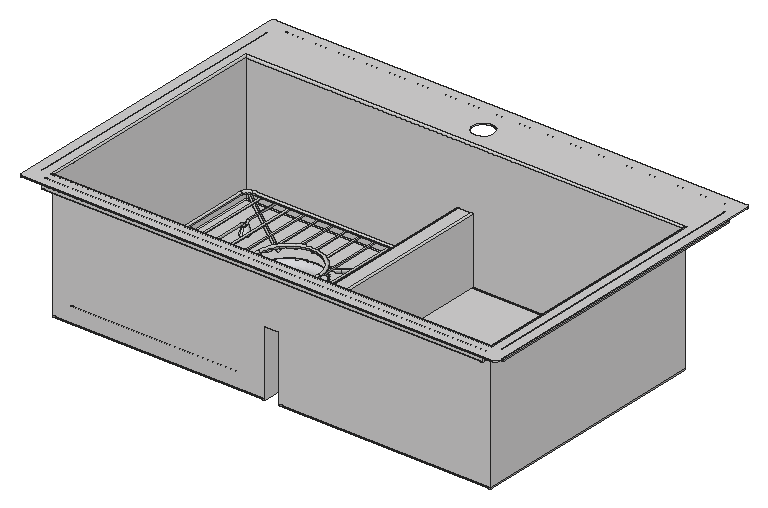
Revit family "Sink-Kitchen-KOHLER-Vault-K-3838_1", category Plumbing Fixtures, host Face, Revit 2015 (continued)
Definition of nested family "K-3838"
  Lines and regions (mm)
    Masking region 3
      outline origin (0, 0, 0) x (0, 1, 0) y (0, 0, 1)
        loop
          line (-42.79, -258.155) -> (-42.79, -264.303)
          arc (-42.79, -264.303) -> (-42.692, -264.785) -> (-42.415, -265.192) r 1.239
          arc (-42.415, -265.192) -> (-41.901, -265.854) -> (-41.589, -266.633) r 3.015
          arc (-41.589, -266.633) -> (-40.857, -268.017) -> (-39.559, -268.894) r 3.228
          line (-39.559, -268.894) -> (-30.124, -272.328)
          arc (-30.124, -272.328) -> (-25.511, -275.868) -> (-23.762, -281.415) r 9.67
          line (-23.762, -281.415) -> (-23.762, -290.606)
          arc (-23.762, -290.606) -> (-23.924, -290.998) -> (-24.316, -291.16) r 0.555
          line (-24.316, -291.16) -> (-26.392, -291.16)
          arc (-26.392, -291.16) -> (-26.941, -291.388) -> (-27.169, -291.937) r 0.777
          line (-27.169, -291.937) -> (-27.169, -298.626)
          arc (-27.169, -298.626) -> (-27.114, -299.04) -> (-26.954, -299.426) r 1.599
          line (-26.954, -299.426) -> (-23.016, -306.248) -> (0, -306.248) -> (23.016, -306.248) -> (26.954, -299.426)
          arc (26.954, -299.426) -> (27.114, -299.04) -> (27.169, -298.626) r 1.599
          line (27.169, -298.626) -> (27.169, -291.937)
          arc (27.169, -291.937) -> (26.941, -291.388) -> (26.392, -291.16) r 0.777
          line (26.392, -291.16) -> (24.316, -291.16)
          arc (24.316, -291.16) -> (23.924, -290.998) -> (23.762, -290.606) r 0.555
          line (23.762, -290.606) -> (23.762, -281.415)
          arc (23.762, -281.415) -> (25.511, -275.868) -> (30.124, -272.328) r 9.67
          line (30.124, -272.328) -> (39.559, -268.894)
          arc (39.559, -268.894) -> (40.857, -268.017) -> (41.589, -266.633) r 3.228
          arc (41.589, -266.633) -> (41.901, -265.854) -> (42.415, -265.192) r 3.015
          arc (42.415, -265.192) -> (42.692, -264.785) -> (42.79, -264.303) r 1.239
          line (42.79, -264.303) -> (42.79, -258.155)
          arc (42.79, -258.155) -> (42.95, -257.767) -> (43.338, -257.607) r 0.548
          line (43.338, -257.607) -> (55.933, -257.607)
          arc (55.933, -257.607) -> (56.771, -257.26) -> (57.118, -256.421) r 1.185
          line (57.118, -256.421) -> (57.118, -235.318) -> (72.259, -235.318) -> (75.384, -233.001) -> (133.531, -225.397) -> (135.669, -225.397)
          arc (135.669, -225.397) -> (137.675, -224.565) -> (138.506, -222.559) r 2.838
          line (138.506, -222.559) -> (138.506, -15.248) -> (209.095, -15.248) -> (209.095, 0) -> (222.227, 0)
          arc (222.227, 0) -> (221.572, -0.176) -> (221.093, -0.655) r 1.308
          line (221.093, -0.655) -> (218.799, -4.638)
          arc (218.799, -4.638) -> (218.636, -5.033) -> (218.58, -5.457) r 1.64
          line (218.58, -5.457) -> (218.58, -13.782)
          arc (218.58, -13.782) -> (220.047, -15.248) -> (221.513, -13.782) r 1.466
          line (221.513, -13.782) -> (221.513, -9.779) -> (220.676, -9.779) -> (220.676, -13.799)
          arc (220.676, -13.799) -> (220.022, -14.453) -> (219.368, -13.799) r 0.654
          line (219.368, -13.799) -> (219.368, -6.637)
          arc (219.368, -6.637) -> (219.553, -5.227) -> (220.096, -3.913) r 5.457
          line (220.096, -3.913) -> (221.682, -1.16)
          arc (221.682, -1.16) -> (221.972, -0.869) -> (222.37, -0.762) r 0.794
          line (222.37, -0.762) -> (225.611, -0.762)
          arc (225.611, -0.762) -> (225.986, -0.863) -> (226.261, -1.138) r 0.75
          line (226.261, -1.138) -> (227.882, -3.952)
          arc (227.882, -3.952) -> (228.427, -5.272) -> (228.613, -6.687) r 5.479
          line (228.613, -6.687) -> (228.613, -13.799)
          arc (228.613, -13.799) -> (227.959, -14.453) -> (227.305, -13.799) r 0.654
          line (227.305, -13.799) -> (227.28, -9.779) -> (226.468, -9.779) -> (226.468, -13.795)
          arc (226.468, -13.795) -> (227.922, -15.249) -> (229.375, -13.795) r 1.454
          line (229.375, -13.795) -> (229.375, -5.442)
          arc (229.375, -5.442) -> (229.321, -5.032) -> (229.164, -4.651) r 1.586
          line (229.164, -4.651) -> (226.857, -0.647)
          arc (226.857, -0.647) -> (226.385, -0.173) -> (225.739, 0) r 1.291
          line (225.739, 0) -> (241.3, 0) -> (241.3, 1.219) -> (-317.5, 1.219) -> (-317.5, 0) -> (-302.951, 0)
          arc (-302.951, 0) -> (-303.597, -0.173) -> (-304.069, -0.647) r 1.291
          line (-304.069, -0.647) -> (-306.375, -4.651)
          arc (-306.375, -4.651) -> (-306.533, -5.032) -> (-306.587, -5.442) r 1.586
    symbolic lines, detail levels medium+fine
      curve 1: circle (-199.238, 0, 0) r 57.118 normal (0, 0, -1)
      curve 2: circle (-199.238, 0, 0) r 47.678 normal (0, 0, -1)
      curve 3: line (-14.287, 138.112, 0) -> (-381.582, 138.112, 0)
      curve 4: line (-381.582, 138.112, 0) -> (-381.582, -281.709, 0)
      curve 5: line (-381.582, -281.709, 0) -> (-14.287, -281.709, 0)
      curve 6: line (14.288, -281.709, 0) -> (381.582, -281.709, 0)
      curve 7: line (381.582, -281.709, 0) -> (381.582, 138.112, 0)
      curve 8: line (381.582, 138.112, 0) -> (14.288, 138.112, 0)
      curve 9: line (-14.287, 138.112, 0) -> (-14.287, -281.709, 0)
      curve 10: line (14.288, 138.112, 0) -> (14.288, -281.709, 0)
      curve 11: line (-14.287, 138.112, 0) -> (14.288, 138.112, 0)
      curve 12: line (-14.287, -281.709, 0) -> (14.288, -281.709, 0)
      curve 13: circle (199.238, 0, 0) r 57.118 normal (0, 0, 1)
      curve 14: line (381.582, -281.709, 0) -> (239.626, -40.388, 0)
      curve 15: line (14.287, -281.709, 0) -> (158.849, -40.388, 0)
      curve 16: line (14.288, 138.112, 0) -> (158.849, 40.388, 0)
      curve 17: line (239.626, 40.388, 0) -> (381.582, 138.112, 0)
      curve 18: circle (199.238, 0, 0) r 47.678 normal (0, 0, 1)
      curve 20: circle (0, 178.593, 0) r 18.331 normal (0, 0, 1)
      curve 24: circle (0, 178.593, 0) r 18.331 normal (0, 0, -1)
      curve 26: line (-372.416, 113.433, 0) -> (-372.416, -260.223, 0)
      curve 27: line (-362.054, -270.585, 0) -> (-36.878, -270.585, 0)
      curve 28: line (-361.489, 124.36, 0) -> (-36.911, 124.36, 0)
      curve 29: line (-26.261, -259.968, 0) -> (-26.261, 113.71, 0)
      curve 30: arc (-36.911, 124.36, 0) -> (-29.38, 121.24, 0) -> (-26.261, 113.71, 0) r 10.65
      curve 31: arc (-361.489, 124.36, 0) -> (-369.215, 121.159, 0) -> (-372.416, 113.433, 0) r 10.927
      curve 32: arc (-372.416, -260.223, 0) -> (-369.381, -267.55, 0) -> (-362.054, -270.585, 0) r 10.362
      curve 33: line (-377.178, 113.862, 0) -> (-377.178, -260.067, 0)
      curve 34: line (-361.918, 129.122, 0) -> (-36.778, 129.122, 0)
      curve 35: line (-361.898, -275.347, 0) -> (-36.778, -275.347, 0)
      curve 36: line (-21.499, -260.067, 0) -> (-21.499, 113.842, 0)
      curve 37: arc (-361.918, 129.122, 0) -> (-372.708, 124.653, 0) -> (-377.178, 113.862, 0) r 15.26
      curve 38: arc (-36.778, 129.122, 0) -> (-25.974, 124.647, 0) -> (-21.499, 113.842, 0) r 15.28
      curve 39: arc (-36.778, -275.347, 0) -> (-25.974, -270.872, 0) -> (-21.499, -260.067, 0) r 15.28
      curve 40: arc (-377.178, -260.067, 0) -> (-372.703, -270.872, 0) -> (-361.898, -275.347, 0) r 15.28
      curve 41: arc (-36.878, -270.585, 0) -> (-29.371, -267.475, 0) -> (-26.261, -259.968, 0) r 10.616
      curve 42: line (-349.991, 124.36, 0) -> (-347.317, 124.36, 0)
      curve 43: line (-349.991, -270.585, 0) -> (-349.991, 124.36, 0)
      curve 44: line (-347.317, -270.585, 0) -> (-349.991, -270.585, 0)
      curve 45: line (-347.317, 124.36, 0) -> (-347.317, -270.585, 0)
      curve 46: line (-325.069, 124.36, 0) -> (-322.395, 124.36, 0)
      curve 47: line (-325.069, -270.585, 0) -> (-325.069, 124.36, 0)
      curve 48: line (-322.395, -270.585, 0) -> (-325.069, -270.585, 0)
      curve 49: line (-322.395, 124.36, 0) -> (-322.395, -270.585, 0)
      curve 50: line (-300.208, 124.36, 0) -> (-297.534, 124.36, 0)
      curve 51: line (-300.208, -270.585, 0) -> (-300.208, 124.36, 0)
      curve 52: line (-297.534, -270.585, 0) -> (-300.208, -270.585, 0)
      curve 53: line (-297.534, 124.36, 0) -> (-297.534, -270.585, 0)
      curve 54: line (-275.271, 124.36, 0) -> (-272.598, 124.36, 0)
      curve 55: line (-275.271, -270.585, 0) -> (-275.271, 124.36, 0)
      curve 56: line (-272.598, -270.585, 0) -> (-275.271, -270.585, 0)
      curve 57: line (-272.598, 124.36, 0) -> (-272.598, -270.585, 0)
      curve 58: line (-250.417, 124.36, 0) -> (-247.743, 124.36, 0)
      curve 59: line (-250.417, -270.585, 0) -> (-250.417, -25.361, 0)
      curve 60: line (-247.743, -270.585, 0) -> (-250.417, -270.585, 0)
      curve 61: line (-247.743, 124.36, 0) -> (-247.743, 30.16, 0)
      curve 62: line (-225.593, 124.36, 0) -> (-222.92, 124.36, 0)
      curve 63: line (-225.593, -270.585, 0) -> (-225.593, -50.674, 0)
      curve 64: line (-222.92, -270.585, 0) -> (-225.593, -270.585, 0)
      curve 65: line (-222.92, 124.36, 0) -> (-222.92, 51.977, 0)
      curve 66: line (-200.636, 124.36, 0) -> (-197.963, 124.36, 0)
      curve 67: line (-200.636, -270.585, 0) -> (-200.636, -57.101, 0)
      curve 68: line (-197.963, -270.585, 0) -> (-200.636, -270.585, 0)
      curve 69: line (-197.963, 124.36, 0) -> (-197.963, 57.104, 0)
      curve 70: line (-175.696, 124.36, 0) -> (-173.022, 124.36, 0)
      curve 71: line (-175.696, -270.585, 0) -> (-175.696, -52.041, 0)
      curve 72: line (-173.022, -270.585, 0) -> (-175.696, -270.585, 0)
      curve 73: line (-173.022, 124.36, 0) -> (-173.022, 50.747, 0)
      curve 74: line (-150.731, 124.36, 0) -> (-148.058, 124.36, 0)
      curve 75: line (-150.731, -270.585, 0) -> (-150.731, -30.159, 0)
      curve 76: line (-148.058, -270.585, 0) -> (-150.731, -270.585, 0)
      curve 77: line (-148.058, 124.36, 0) -> (-148.058, 25.359, 0)
      curve 78: line (-125.851, 124.36, 0) -> (-123.178, 124.36, 0)
      curve 79: line (-125.851, -270.585, 0) -> (-125.851, 124.36, 0)
      curve 80: line (-123.178, -270.585, 0) -> (-125.851, -270.585, 0)
      curve 81: line (-123.178, 124.36, 0) -> (-123.178, -270.585, 0)
      curve 82: line (-100.902, 124.36, 0) -> (-98.229, 124.36, 0)
      curve 83: line (-100.902, -270.585, 0) -> (-100.902, 124.36, 0)
      curve 84: line (-98.229, -270.585, 0) -> (-100.902, -270.585, 0)
      curve 85: line (-98.229, 124.36, 0) -> (-98.229, -270.585, 0)
      curve 86: line (-76.077, 124.36, 0) -> (-73.403, 124.36, 0)
      curve 87: line (-76.077, -270.585, 0) -> (-76.077, 124.36, 0)
      curve 88: line (-73.403, -270.585, 0) -> (-76.077, -270.585, 0)
      curve 89: line (-73.403, 124.36, 0) -> (-73.403, -270.585, 0)
      curve 90: line (-51.1, 124.36, 0) -> (-48.427, 124.36, 0)
      curve 91: line (-51.1, -270.585, 0) -> (-51.1, 124.36, 0)
      curve 92: line (-48.427, -270.585, 0) -> (-51.1, -270.585, 0)
      curve 93: line (-48.427, 124.36, 0) -> (-48.427, -270.585, 0)
      curve 94: circle (-199.238, 0, 0) r 47.678 normal (0, 0, 1)
      curve 95: circle (-199.238, 0, 0) r 57.118 normal (0, 0, 1)
      curve 96: arc (-322.395, 68.375, 0) -> (-315.46, 60.198, 0) -> (-322.395, 52.02, 0) r 8.288
      curve 97: arc (-322.395, 54.671, 0) -> (-320.062, 60.197, 0) -> (-322.395, 65.724, 0) r 7.712
      curve 98: arc (-325.069, 65.806, 0) -> (-327.487, 60.197, 0) -> (-325.069, 54.589, 0) r 7.712
      curve 99: arc (-76.077, 68.375, 0) -> (-83.015, 60.198, 0) -> (-76.077, 52.02, 0) r 8.288
      curve 100: arc (-76.077, 54.667, 0) -> (-78.413, 60.197, 0) -> (-76.077, 65.727, 0) r 7.712
      curve 101: arc (-73.403, 65.803, 0) -> (-70.988, 60.197, 0) -> (-73.403, 54.592, 0) r 7.712
      curve 102: arc (-322.395, -212.094, 0) -> (-320.062, -206.567, 0) -> (-322.395, -201.04, 0) r 7.712
      curve 103: arc (-327.483, -206.829, 0) -> (-326.804, -209.741, 0) -> (-325.069, -212.176, 0) r 7.712
      curve 104: arc (-325.069, 52.015, 0) -> (-332.036, 60.198, 0) -> (-325.069, 68.38, 0) r 8.288
      curve 105: arc (-322.395, -214.744, 0) -> (-315.46, -206.567, 0) -> (-322.395, -198.39, 0) r 8.288
      curve 106: arc (-73.403, 52.016, 0) -> (-66.439, 60.198, 0) -> (-73.403, 68.379, 0) r 8.288
      curve 107: line (-371.054, -265.358, 0) -> (-349.991, -232.828, 0)
      curve 108: line (-372.416, 2.396, 0) -> (-349.991, 2.396, 0)
      curve 109: line (-366.985, 122.877, 0) -> (-349.991, 110.071, 0)
      curve 110: line (-370.523, 119.579, 0) -> (-349.991, 104.107, 0)
      curve 111: line (-372.416, -2.366, 0) -> (-349.991, -2.366, 0)
      curve 112: line (-367.686, -268.92, 0) -> (-349.991, -241.591, 0)
      curve 113: line (-250.417, 25.361, 0) -> (-250.417, 124.36, 0)
      curve 114: line (-247.743, -30.16, 0) -> (-247.743, -270.585, 0)
      curve 115: line (-225.593, 50.674, 0) -> (-225.593, 124.36, 0)
      curve 116: line (-222.92, -51.977, 0) -> (-222.92, -270.585, 0)
      curve 117: line (-200.636, 57.101, 0) -> (-200.636, 124.36, 0)
      curve 118: line (-197.963, -57.104, 0) -> (-197.963, -270.585, 0)
      curve 119: line (-175.696, 52.041, 0) -> (-175.696, 124.36, 0)
      curve 120: line (-173.022, -50.747, 0) -> (-173.022, -270.585, 0)
      curve 121: line (-150.731, 30.159, 0) -> (-150.731, 124.36, 0)
      curve 122: line (-148.058, -25.359, 0) -> (-148.058, -270.585, 0)
      curve 123: line (-387.35, 0, 0) -> (387.35, 0, 0)
      curve 124: line (385.394, 0, -15.249) -> (-385.433, 0, -15.249)
      curve 125: line (-256.356, 0, -235.318) -> (-142.12, 0, -235.318)
      curve 126: line (-242.575, 0, -257.607) -> (-155.9, 0, -257.607)
      curve 127: line (-223.554, 0, -291.16) -> (-174.921, 0, -291.16)
      curve 128: line (-226.192, 0, -299.426) -> (-172.283, 0, -299.426)
      curve 129: line (256.356, 0, -235.318) -> (142.12, 0, -235.318)
      curve 130: line (242.575, 0, -257.607) -> (155.9, 0, -257.607)
      curve 131: line (223.554, 0, -291.16) -> (174.921, 0, -291.16)
      curve 132: line (226.192, 0, -299.426) -> (172.283, 0, -299.426)
      curve 133: line (0, -317.5, 1.219) -> (0, -317.5, 0)
      curve 134: line (0, 138.506, -15.248) -> (0, -285.521, -15.248)
      curve 135: line (0, -57.118, -235.318) -> (0, 57.118, -235.318)
      curve 136: line (0, -43.338, -257.607) -> (0, 43.338, -257.607)
      curve 137: line (0, -24.316, -291.16) -> (0, 24.105, -291.16)
      curve 138: line (0, -26.954, -299.426) -> (0, 26.954, -299.426)
      curve 139: line (-381.582, -281.709, 0) -> (-374.19, -269.144, 0)
      curve 140: line (-239.626, 40.388, 0) -> (-247.743, 45.781, 0)
      curve 141: line (-347.317, 102.093, 0) -> (-325.069, 85.327, 0)
      curve 142: line (-347.317, 108.056, 0) -> (-325.069, 91.291, 0)
      curve 143: line (-322.395, 89.276, 0) -> (-300.208, 72.556, 0)
      curve 144: line (-322.395, 83.313, 0) -> (-300.208, 66.593, 0)
      curve 145: line (-297.534, 64.579, 0) -> (-275.271, 47.802, 0)
      curve 146: line (-297.534, 70.542, 0) -> (-275.271, 53.765, 0)
      curve 147: line (-272.598, 45.787, 0) -> (-250.417, 29.073, 0)
      curve 148: line (-272.598, 51.751, 0) -> (-250.417, 35.036, 0)
      curve 149: line (-247.743, 33.022, 0) -> (-246.495, 32.081, 0)
      curve 150: line (-48.427, 124.36, 0) -> (-51.1, 124.36, 0)
      curve 151: line (-73.403, 124.36, 0) -> (-76.077, 124.36, 0)
      curve 152: line (-98.229, 124.36, 0) -> (-100.902, 124.36, 0)
      curve 153: line (-123.178, 124.36, 0) -> (-125.851, 124.36, 0)
      curve 154: line (-148.058, 124.36, 0) -> (-150.731, 124.36, 0)
      curve 155: arc (-76.077, 68.375, 0) -> (-83.015, 60.198, 0) -> (-76.077, 52.02, 0) r 8.288
      curve 156: arc (-76.077, 54.667, 0) -> (-78.413, 60.197, 0) -> (-76.077, 65.727, 0) r 7.712
      curve 157: arc (-73.403, 65.803, 0) -> (-70.988, 60.197, 0) -> (-73.403, 54.592, 0) r 7.712
      curve 158: arc (-73.403, 52.016, 0) -> (-66.439, 60.198, 0) -> (-73.403, 68.379, 0) r 8.288
      curve 159: line (-31.49, 122.877, 0) -> (-48.427, 110.114, 0)
      curve 160: line (-28.001, 119.543, 0) -> (-48.427, 104.151, 0)
      curve 161: line (-51.1, 102.136, 0) -> (-73.403, 85.33, 0)
      curve 162: line (-51.1, 108.1, 0) -> (-73.403, 91.293, 0)
      curve 163: line (-76.077, 89.278, 0) -> (-98.229, 72.586, 0)
      curve 164: line (-76.077, 83.315, 0) -> (-98.229, 66.622, 0)
      curve 165: line (-100.902, 64.608, 0) -> (-123.178, 47.822, 0)
      curve 166: line (-100.902, 70.571, 0) -> (-123.178, 53.785, 0)
      curve 167: line (-125.851, 45.807, 0) -> (-148.058, 29.073, 0)
      curve 168: line (-125.851, 51.771, 0) -> (-148.058, 35.037, 0)
      curve 169: line (-150.731, 33.022, 0) -> (-151.98, 32.081, 0)
      curve 170: line (-250.417, 47.557, 0) -> (-272.598, 62.292, 0)
      curve 171: line (-275.271, 64.068, 0) -> (-297.534, 78.859, 0)
      curve 172: line (-300.208, 80.635, 0) -> (-322.395, 95.375, 0)
      curve 173: line (-325.069, 97.151, 0) -> (-347.317, 111.931, 0)
      curve 174: line (-349.991, 113.707, 0) -> (-365.101, 123.745, 0)
      curve 175: line (-369.849, 126.899, 0) -> (-381.582, 138.112, 0)
      curve 176: line (-158.849, 40.388, 0) -> (-150.731, 45.782, 0)
      curve 177: line (-148.058, 47.558, 0) -> (-125.851, 62.31, 0)
      curve 178: line (-123.178, 64.086, 0) -> (-100.902, 78.884, 0)
      curve 179: line (-98.229, 80.66, 0) -> (-76.077, 95.377, 0)
      curve 180: line (-73.403, 97.153, 0) -> (-51.1, 111.969, 0)
      curve 181: line (-48.427, 113.745, 0) -> (-33.364, 123.752, 0)
      curve 182: line (-28.73, 126.831, 0) -> (-14.287, 136.425, 0)
      curve 183: line (-371.477, -264.532, 0) -> (-349.991, -228.005, 0)
      curve 184: line (-347.317, -228.7, 0) -> (-325.069, -194.338, 0)
      curve 185: line (-347.317, -237.462, 0) -> (-325.069, -203.1, 0)
      curve 186: line (-347.317, -223.461, 0) -> (-325.069, -185.638, 0)
      curve 187: line (-322.395, -198.972, 0) -> (-300.208, -164.704, 0)
      curve 188: line (-322.395, -190.209, 0) -> (-300.208, -155.942, 0)
      curve 189: line (-322.395, -181.094, 0) -> (-300.208, -143.376, 0)
      curve 190: line (-297.534, -160.576, 0) -> (-275.271, -126.191, 0)
      curve 191: line (-297.534, -151.813, 0) -> (-275.271, -117.428, 0)
      curve 192: line (-297.534, -138.831, 0) -> (-275.271, -100.984, 0)
      curve 193: line (-272.598, -122.062, 0) -> (-250.417, -87.805, 0)
      curve 194: line (-272.598, -113.3, 0) -> (-250.417, -79.043, 0)
      curve 195: line (-272.598, -96.439, 0) -> (-250.417, -58.732, 0)
      curve 196: line (-247.743, -83.676, 0) -> (-226.176, -50.367, 0)
      curve 197: line (-247.743, -74.914, 0) -> (-230.281, -47.945, 0)
      curve 198: line (-247.743, -54.188, 0) -> (-239.626, -40.388, 0)
      curve 199: arc (-328.668, -199.897, 0) -> (-330.705, -202.062, 0) -> (-331.847, -204.807, 0) r 8.288
      curve 200: arc (-330.461, -211.428, 0) -> (-328.095, -213.624, 0) -> (-325.069, -214.749, 0) r 8.288
      curve 201: line (-51.1, -270.585, 0) -> (-48.427, -270.585, 0)
      curve 202: line (-76.077, -270.585, 0) -> (-73.403, -270.585, 0)
      curve 203: line (-100.902, -270.585, 0) -> (-98.229, -270.585, 0)
      curve 204: line (-125.851, -270.585, 0) -> (-123.178, -270.585, 0)
      curve 205: line (-150.731, -270.585, 0) -> (-148.058, -270.585, 0)
      curve 206: arc (-76.077, -212.097, 0) -> (-78.413, -206.567, 0) -> (-76.077, -201.037, 0) r 7.712
      curve 207: arc (-70.992, -206.829, 0) -> (-71.67, -209.739, 0) -> (-73.403, -212.172, 0) r 7.712
      curve 208: arc (-76.077, -214.745, 0) -> (-83.015, -206.567, 0) -> (-76.077, -198.389, 0) r 8.288
      curve 209: line (-27.422, -265.358, 0) -> (-48.427, -232.918, 0)
      curve 210: line (-30.789, -268.92, 0) -> (-48.427, -241.68, 0)
      curve 211: line (-16.893, -281.709, 0) -> (-24.375, -268.991, 0)
      curve 212: line (-26.998, -264.532, 0) -> (-48.427, -228.103, 0)
      curve 213: line (-51.1, -228.789, 0) -> (-73.403, -194.343, 0)
      curve 214: line (-51.1, -237.551, 0) -> (-73.403, -203.106, 0)
      curve 215: line (-51.1, -223.559, 0) -> (-73.403, -185.644, 0)
      curve 216: line (-76.077, -198.977, 0) -> (-98.229, -164.764, 0)
      curve 217: line (-76.077, -190.214, 0) -> (-98.229, -156.001, 0)
      curve 218: line (-76.077, -181.099, 0) -> (-98.229, -143.441, 0)
      curve 219: line (-100.902, -160.635, 0) -> (-123.178, -126.232, 0)
      curve 220: line (-100.902, -151.872, 0) -> (-123.178, -117.469, 0)
      curve 221: line (-100.902, -138.897, 0) -> (-123.178, -101.029, 0)
      curve 222: line (-125.851, -122.103, 0) -> (-148.058, -87.806, 0)
      curve 223: line (-125.851, -113.341, 0) -> (-148.058, -79.044, 0)
      curve 224: line (-125.851, -96.484, 0) -> (-148.058, -58.734, 0)
      curve 225: line (-150.731, -83.678, 0) -> (-172.3, -50.367, 0)
      curve 226: line (-150.731, -74.915, 0) -> (-168.194, -47.945, 0)
      curve 227: line (-150.731, -54.189, 0) -> (-158.849, -40.388, 0)
      curve 228: arc (-69.807, -199.897, 0) -> (-67.77, -202.062, 0) -> (-66.628, -204.807, 0) r 8.288
      curve 229: arc (-68.014, -211.428, 0) -> (-70.379, -213.623, 0) -> (-73.403, -214.749, 0) r 8.288
      curve 230: line (-347.317, 2.396, 0) -> (-325.069, 2.396, 0)
      curve 231: line (-347.317, -2.366, 0) -> (-325.069, -2.366, 0)
      curve 232: line (-322.395, 2.396, 0) -> (-300.208, 2.396, 0)
      curve 233: line (-322.395, -2.366, 0) -> (-300.208, -2.366, 0)
      curve 234: line (-297.534, 2.396, 0) -> (-275.271, 2.396, 0)
      curve 235: line (-297.534, -2.366, 0) -> (-275.271, -2.366, 0)
      curve 236: line (-272.598, 2.396, 0) -> (-256.305, 2.396, 0)
      curve 237: line (-272.598, -2.366, 0) -> (-256.306, -2.366, 0)
      curve 238: line (-26.06, 2.396, 0) -> (-48.427, 2.396, 0)
      curve 239: line (-26.06, -2.366, 0) -> (-48.427, -2.366, 0)
      curve 240: line (-51.1, 2.396, 0) -> (-73.403, 2.396, 0)
      curve 241: line (-51.1, -2.366, 0) -> (-73.403, -2.366, 0)
      curve 242: line (-76.077, 2.396, 0) -> (-98.229, 2.396, 0)
      curve 243: line (-76.077, -2.366, 0) -> (-98.229, -2.366, 0)
      curve 244: line (-100.902, 2.396, 0) -> (-123.178, 2.396, 0)
      curve 245: line (-100.902, -2.366, 0) -> (-123.178, -2.366, 0)
      curve 246: line (-125.851, 2.396, 0) -> (-142.17, 2.396, 0)
      curve 247: line (-125.851, -2.366, 0) -> (-142.169, -2.366, 0)
      curve 248: line (0, 225.739, 0) -> (0, 222.227, 0)
      curve 249: line (0, 209.095, 0) -> (0, -286.306, 0)
      curve 250: line (0, -299.438, 0) -> (0, -302.951, 0)
      curve 251: circle (-199.238, 32.53, 0) r 2.404 normal (0, 0, 1)
      curve 252: circle (-206.489, 31.787, 0) r 2.404 normal (0, 0, 1)
      curve 253: circle (-213.362, 29.287, 0) r 2.404 normal (0, 0, 1)
      curve 254: circle (-219.602, 25.387, 0) r 2.404 normal (0, 0, 1)
      curve 255: circle (-224.686, 20.303, 0) r 2.404 normal (0, 0, 1)
      curve 256: circle (-228.506, 14.182, 0) r 2.404 normal (0, 0, 1)
      curve 257: circle (-230.99, 7.232, 0) r 2.404 normal (0, 0, 1)
      curve 258: circle (-222.285, 7.431, 0) r 2.404 normal (0, 0, 1)
      curve 259: circle (-213.003, 7.945, 0) r 2.404 normal (0, 0, 1)
      curve 260: circle (-207.22, 13.728, 0) r 2.404 normal (0, 0, 1)
      curve 261: circle (-218.913, 14.323, 0) r 2.404 normal (0, 0, 1)
      curve 262: circle (-213.583, 19.653, 0) r 2.404 normal (0, 0, 1)
      curve 263: circle (-206.779, 23.069, 0) r 2.404 normal (0, 0, 1)
      curve 264: circle (-199.238, 24.257, 0) r 2.404 normal (0, 0, 1)
      curve 265: circle (-199.238, -32.53, 0) r 2.404 normal (0, 0, -1)
      curve 266: circle (-206.489, -31.787, 0) r 2.404 normal (0, 0, -1)
      curve 267: circle (-213.362, -29.287, 0) r 2.404 normal (0, 0, -1)
      curve 268: circle (-219.602, -25.387, 0) r 2.404 normal (0, 0, -1)
      curve 269: circle (-224.686, -20.303, 0) r 2.404 normal (0, 0, -1)
      curve 270: circle (-228.506, -14.182, 0) r 2.404 normal (0, 0, -1)
      curve 271: circle (-230.99, -7.232, 0) r 2.404 normal (0, 0, -1)
      curve 272: circle (-222.285, -7.431, 0) r 2.404 normal (0, 0, -1)
      curve 273: circle (-213.003, -7.945, 0) r 2.404 normal (0, 0, -1)
      curve 274: circle (-207.22, -13.728, 0) r 2.404 normal (0, 0, -1)
      curve 275: circle (-218.913, -14.323, 0) r 2.404 normal (0, 0, -1)
      curve 276: circle (-213.583, -19.653, 0) r 2.404 normal (0, 0, -1)
      curve 277: circle (-206.779, -23.069, 0) r 2.404 normal (0, 0, -1)
      curve 278: circle (-199.238, -24.257, 0) r 2.404 normal (0, 0, -1)
      curve 279: circle (-231.821, 0, 0) r 2.404 normal (0, 0, 1)
      curve 280: circle (-223.437, 0, 0) r 2.404 normal (0, 0, 1)
      curve 281: circle (-215.071, 0, 0) r 2.404 normal (0, 0, 1)
      curve 282: circle (-191.986, 31.787, 0) r 2.404 normal (0, 0, -1)
      curve 283: circle (-185.114, 29.287, 0) r 2.404 normal (0, 0, -1)
      curve 284: circle (-178.873, 25.387, 0) r 2.404 normal (0, 0, -1)
      curve 285: circle (-173.789, 20.303, 0) r 2.404 normal (0, 0, -1)
      curve 286: circle (-169.969, 14.182, 0) r 2.404 normal (0, 0, -1)
      curve 287: circle (-167.485, 7.232, 0) r 2.404 normal (0, 0, -1)
      curve 288: circle (-176.19, 7.431, 0) r 2.404 normal (0, 0, -1)
      curve 289: circle (-185.473, 7.945, 0) r 2.404 normal (0, 0, -1)
      curve 290: circle (-191.255, 13.728, 0) r 2.404 normal (0, 0, -1)
      curve 291: circle (-179.562, 14.323, 0) r 2.404 normal (0, 0, -1)
      curve 292: circle (-184.892, 19.653, 0) r 2.404 normal (0, 0, -1)
      curve 293: circle (-191.696, 23.069, 0) r 2.404 normal (0, 0, -1)
      curve 294: circle (-191.986, -31.787, 0) r 2.404 normal (0, 0, 1)
      curve 295: circle (-185.114, -29.287, 0) r 2.404 normal (0, 0, 1)
      curve 296: circle (-178.873, -25.387, 0) r 2.404 normal (0, 0, 1)
      curve 297: circle (-173.789, -20.303, 0) r 2.404 normal (0, 0, 1)
      curve 298: circle (-169.969, -14.182, 0) r 2.404 normal (0, 0, 1)
      curve 299: circle (-167.485, -7.232, 0) r 2.404 normal (0, 0, 1)
      curve 300: circle (-176.19, -7.431, 0) r 2.404 normal (0, 0, 1)
      curve 301: circle (-185.473, -7.945, 0) r 2.404 normal (0, 0, 1)
      curve 302: circle (-191.255, -13.728, 0) r 2.404 normal (0, 0, 1)
      curve 303: circle (-179.562, -14.323, 0) r 2.404 normal (0, 0, 1)
      curve 304: circle (-184.892, -19.653, 0) r 2.404 normal (0, 0, 1)
      curve 305: circle (-191.696, -23.069, 0) r 2.404 normal (0, 0, 1)
      curve 306: circle (-166.654, 0, 0) r 2.404 normal (0, 0, -1)
      curve 307: circle (-175.039, 0, 0) r 2.404 normal (0, 0, -1)
      curve 308: circle (-183.404, 0, 0) r 2.404 normal (0, 0, -1)
      curve 309: circle (-199.238, -15.908, 0) r 2.404 normal (0, 0, -1)
      curve 310: circle (-199.238, 15.908, 0) r 2.404 normal (0, 0, 1)
      curve 311: circle (199.238, 32.53, 0) r 2.404 normal (0, 0, -1)
      curve 312: circle (206.489, 31.787, 0) r 2.404 normal (0, 0, -1)
      curve 313: circle (213.362, 29.287, 0) r 2.404 normal (0, 0, -1)
      curve 314: circle (219.602, 25.387, 0) r 2.404 normal (0, 0, -1)
      curve 315: circle (224.686, 20.303, 0) r 2.404 normal (0, 0, -1)
      curve 316: circle (228.506, 14.182, 0) r 2.404 normal (0, 0, -1)
      curve 317: circle (230.99, 7.232, 0) r 2.404 normal (0, 0, -1)
      curve 318: circle (222.285, 7.431, 0) r 2.404 normal (0, 0, -1)
      curve 319: circle (213.003, 7.945, 0) r 2.404 normal (0, 0, -1)
      curve 320: circle (207.22, 13.728, 0) r 2.404 normal (0, 0, -1)
      curve 321: circle (218.913, 14.323, 0) r 2.404 normal (0, 0, -1)
      curve 322: circle (213.583, 19.653, 0) r 2.404 normal (0, 0, -1)
      curve 323: circle (206.779, 23.069, 0) r 2.404 normal (0, 0, -1)
      curve 324: circle (199.238, 24.257, 0) r 2.404 normal (0, 0, -1)
      curve 325: circle (199.238, -32.53, 0) r 2.404 normal (0, 0, 1)
      curve 326: circle (206.489, -31.787, 0) r 2.404 normal (0, 0, 1)
      curve 327: circle (213.362, -29.287, 0) r 2.404 normal (0, 0, 1)
      curve 328: circle (219.602, -25.387, 0) r 2.404 normal (0, 0, 1)
      curve 329: circle (224.686, -20.303, 0) r 2.404 normal (0, 0, 1)
      curve 330: circle (228.506, -14.182, 0) r 2.404 normal (0, 0, 1)
      curve 331: circle (230.99, -7.232, 0) r 2.404 normal (0, 0, 1)
      curve 332: circle (222.285, -7.431, 0) r 2.404 normal (0, 0, 1)
      curve 333: circle (213.003, -7.945, 0) r 2.404 normal (0, 0, 1)
      curve 334: circle (207.22, -13.728, 0) r 2.404 normal (0, 0, 1)
      curve 335: circle (218.913, -14.323, 0) r 2.404 normal (0, 0, 1)
      curve 336: circle (213.583, -19.653, 0) r 2.404 normal (0, 0, 1)
      curve 337: circle (206.779, -23.069, 0) r 2.404 normal (0, 0, 1)
      curve 338: circle (199.238, -24.257, 0) r 2.404 normal (0, 0, 1)
      curve 339: circle (231.821, 0, 0) r 2.404 normal (0, 0, -1)
      curve 340: circle (223.437, 0, 0) r 2.404 normal (0, 0, -1)
      curve 341: circle (215.071, 0, 0) r 2.404 normal (0, 0, -1)
      curve 342: circle (191.986, 31.787, 0) r 2.404 normal (0, 0, 1)
      curve 343: circle (185.114, 29.287, 0) r 2.404 normal (0, 0, 1)
      curve 344: circle (178.873, 25.387, 0) r 2.404 normal (0, 0, 1)
      curve 345: circle (173.789, 20.303, 0) r 2.404 normal (0, 0, 1)
      curve 346: circle (169.969, 14.182, 0) r 2.404 normal (0, 0, 1)
      curve 347: circle (167.485, 7.232, 0) r 2.404 normal (0, 0, 1)
      curve 348: circle (176.19, 7.431, 0) r 2.404 normal (0, 0, 1)
      curve 349: circle (185.473, 7.945, 0) r 2.404 normal (0, 0, 1)
      curve 350: circle (191.255, 13.728, 0) r 2.404 normal (0, 0, 1)
      curve 351: circle (179.562, 14.323, 0) r 2.404 normal (0, 0, 1)
      curve 352: circle (184.892, 19.653, 0) r 2.404 normal (0, 0, 1)
      curve 353: circle (191.696, 23.069, 0) r 2.404 normal (0, 0, 1)
      curve 354: circle (191.986, -31.787, 0) r 2.404 normal (0, 0, -1)
      curve 355: circle (185.114, -29.287, 0) r 2.404 normal (0, 0, -1)
      curve 356: circle (178.873, -25.387, 0) r 2.404 normal (0, 0, -1)
      curve 357: circle (173.789, -20.303, 0) r 2.404 normal (0, 0, -1)
      curve 358: circle (169.969, -14.182, 0) r 2.404 normal (0, 0, -1)
      curve 359: circle (167.485, -7.232, 0) r 2.404 normal (0, 0, -1)
      curve 360: circle (176.19, -7.431, 0) r 2.404 normal (0, 0, -1)
      curve 361: circle (185.473, -7.945, 0) r 2.404 normal (0, 0, -1)
      curve 362: circle (191.255, -13.728, 0) r 2.404 normal (0, 0, -1)
      curve 363: circle (179.562, -14.323, 0) r 2.404 normal (0, 0, -1)
      curve 364: circle (184.892, -19.653, 0) r 2.404 normal (0, 0, -1)
      curve 365: circle (191.696, -23.069, 0) r 2.404 normal (0, 0, -1)
      curve 366: circle (166.654, 0, 0) r 2.404 normal (0, 0, 1)
      curve 367: circle (175.039, 0, 0) r 2.404 normal (0, 0, 1)
      curve 368: circle (183.404, 0, 0) r 2.404 normal (0, 0, 1)
      curve 369: circle (199.238, -15.908, 0) r 2.404 normal (0, 0, 1)
      curve 370: circle (199.238, 15.908, 0) r 2.404 normal (0, 0, -1)
      curve 371: circle (-199.238, 0, 0) r 7.678 normal (0, 0, 1)
      curve 372: circle (199.238, 0, 0) r 7.678 normal (0, 0, -1)
    symbolic lines, visible <- "Three Faucet hole", detail levels medium+fine
      curve 19: circle (-101.6, 178.593, 0) r 18.331 normal (0, 0, 1)
      curve 21: circle (101.6, 178.593, 0) r 18.331 normal (0, 0, 1)
    symbolic lines, visible <- "Four Faucet hole", detail levels medium+fine
      curve 22: circle (333.375, 178.593, 0) r 18.331 normal (0, 0, 1)
      curve 23: circle (-101.6, 178.593, 0) r 18.331 normal (0, 0, -1)
      curve 25: circle (101.6, 178.593, 0) r 18.331 normal (0, 0, -1)
  Dimensions and locks
    plane 1 "Center (Front/Back)" to plane 6 = 9 1/2"
    plane 6 to plane 7 = 22"
    plane 4 to plane 5 = 33"
    plane 10 to plane 9 = 9 1/8"
    plane 8 to plane 12 = 15.688"
    plane 15 to plane 14 = 9 5/16"
    plane 15 to plane 16 = 4 5/16"
    plane 6 to plane 20 = 2 7/16"
    "Dist1": plane 20 to plane 17
    "Dist2": plane 20 to plane 18
    plane 6 to plane 21 = 4 1/16"
    plane 6 to plane 22 = 11"
    aligned and locked: plane 2 to level
    aligned and locked: plane 17 to Extrusion 37 sketch curve  (x2)
    aligned and locked: plane 18 to Extrusion 38 sketch curve
  Automatic sketch dimensions
    plane 4 to Sweep 2 sketch curve = 1 3/8"
    plane 5 to Sweep 2 sketch curve = 1 3/8"
    plane 7 to Sweep 2 sketch curve = 1.307"
    Sweep 2 sketch curve to plane 6 = 4 1/16"
    Sweep 2 sketch curve to level = 0"
    Sweep 2 sketch curve to profile plane = 0"
    profile plane to Sweep 2 sketch curve = 0.048"
    Sweep 2 sketch curve to Sweep 2 sketch curve = 0.06145"
    Sweep 2 sketch curve to Sweep 2 sketch curve = 0.00127"  (x2)
    Sweep 2 sketch curve to Sweep 2 sketch curve = 0.04526"
    Sweep 2 sketch curve to profile plane = 0.05946"
    Sweep 2 sketch curve to Sweep 2 sketch curve = 0.00426"
    Sweep 2 sketch curve to Sweep 2 sketch curve = 0.03837"
    Sweep 2 sketch curve to Sweep 2 sketch curve = 8.69944"
    Sweep 2 sketch curve to Sweep 2 sketch curve = 0.0019"
    Extrusion 3 sketch curve to plane 16 = 0"
    plane 14 to Extrusion 3 sketch curve = 0.21884"
    Extrusion 3 sketch curve to plane 3 "Center (Left/Right)" = 0.5145"
    Extrusion 3 sketch curve to Extrusion 3 sketch curve = 0.06169"
    Extrusion 3 sketch curve to plane 16 = 0.06126"
    plane 3 "Center (Left/Right)" to Extrusion 3 sketch curve = 0.45324"
    Revolve 4 sketch curve to plane 8 = 0"  (x2)
    plane 8 to Revolve 4 sketch curve = 0.90613"
    plane 8 to Revolve 4 sketch curve = 0.9355"
    Revolve 4 sketch curve to Revolve 4 sketch curve = 0.02183"
    Revolve 4 sketch curve to Revolve 4 sketch curve = 0.04934"
    Revolve 4 sketch curve to Revolve 4 sketch curve = 0.0817"
    Revolve 4 sketch curve to Revolve 4 sketch curve = 0.05452"
    Revolve 4 sketch curve to Revolve 4 sketch curve = 0.03059"
    Revolve 4 sketch curve to Revolve 4 sketch curve = 0.2505"
    Revolve 4 sketch curve to Revolve 4 sketch curve = 0.38071"
    Revolve 4 sketch curve to Revolve 4 sketch curve = 0.32797"
    Revolve 4 sketch curve to Revolve 4 sketch curve = 0.04347"
    Revolve 4 sketch curve to Revolve 4 sketch curve = 0.12189"
    Revolve 4 sketch curve to Revolve 4 sketch curve = 0.04878"
    Revolve 4 sketch curve to Revolve 4 sketch curve = 0.02157"
    Revolve 4 sketch curve to Revolve 4 sketch curve = 0.06797"
    Revolve 4 sketch curve to Revolve 4 sketch curve = 0.49586"
    Revolve 4 sketch curve to plane 14 = 0.1225"
    Revolve 4 sketch curve to Revolve 4 sketch curve = 0.04667"
    plane 14 to Revolve 4 sketch curve = 0.83083"
    Revolve 4 sketch curve to Revolve 4 sketch curve = 0.24207"
    Revolve 4 sketch curve to Revolve 4 sketch curve = 0.06132"
    Revolve 4 sketch curve to Revolve 4 sketch curve = 0.12008"
    Revolve 4 sketch curve to Revolve 4 sketch curve = 0.11942"
    Revolve 4 sketch curve to Revolve 4 sketch curve = 0.13519"
    Revolve 4 sketch curve to Revolve 4 sketch curve = 0.36184"
    Revolve 4 sketch curve to Revolve 4 sketch curve = 0.26335"
    Revolve 4 sketch curve to Revolve 4 sketch curve = 0.26858"
    Revolve 4 sketch curve to Revolve 4 sketch curve = 0"  (x3)
    Revolve 4 sketch curve to Revolve 4 sketch curve = 0.01478"
    Revolve 4 sketch curve to Revolve 4 sketch curve = 1/2"
    Extrusion 5 sketch curve to plane 3 "Center (Left/Right)" = 9/16"
    plane 16 to Extrusion 5 sketch curve = 0.04205"
    Extrusion 5 sketch curve to Extrusion 5 sketch curve = 0.11145"
    Extrusion 5 sketch curve to plane 16 = 0.07123"
    plane 3 "Center (Left/Right)" to Extrusion 5 sketch curve = 115/256"
    plane 14 to Extrusion 5 sketch curve = 0.44098"
    Blend 6 sketch curve to Blend 6 sketch curve = 0"  (x12)
    plane 1 "Center (Front/Back)" to Blend 6 sketch curve = 0"
    Blend 6 sketch curve to plane 12 = 0"
    plane 12 to Blend 6 sketch curve = 1.32518"
    plane 12 to Blend 6 sketch curve = 1.83178"
    Blend 6 sketch curve to plane 12 = 1.24376"
    Blend 6 sketch curve to plane 12 = 1.77513"
    plane 1 "Center (Front/Back)" to Blend 6 sketch curve = 1.81679"
    plane 3 "Center (Left/Right)" to Blend 6 sketch curve = 0.5145"
    plane 5 to Blend 6 sketch curve = 1.47709"
    plane 7 to Blend 6 sketch curve = 1.40909"
    Blend 6 sketch curve to plane 6 = 4.19709"
    Blend 7 sketch curve to Blend 7 sketch curve = 0"  (x12)
    plane 1 "Center (Front/Back)" to Blend 7 sketch curve = 0"
    Blend 7 sketch curve to plane 8 = 0"
    Blend 7 sketch curve to plane 8 = 1.32518"
    Blend 7 sketch curve to plane 8 = 1.83178"
    plane 8 to Blend 7 sketch curve = 1.24376"
    plane 8 to Blend 7 sketch curve = 1.77513"
    Blend 7 sketch curve to plane 1 "Center (Front/Back)" = 1.81679"
    plane 3 "Center (Left/Right)" to Blend 7 sketch curve = 0.5145"
    Blend 7 sketch curve to plane 4 = 1.47709"
    Blend 7 sketch curve to plane 7 = 1.40909"
    plane 6 to Blend 7 sketch curve = 4.19709"
    Extrusion 8 sketch curve to level = 0"
    plane 5 to Extrusion 8 sketch curve = 7/8"
    Extrusion 8 sketch curve to level = 0.18309"
    Extrusion 8 sketch curve to Extrusion 8 sketch curve = 0.00833"
    Extrusion 8 sketch curve to Extrusion 8 sketch curve = 0.03"
    Extrusion 8 sketch curve to Extrusion 8 sketch curve = 0.02575"
    Extrusion 8 sketch curve to Extrusion 8 sketch curve = 0.00148"
    Extrusion 8 sketch curve to level = 0.1556"
    Extrusion 8 sketch curve to Extrusion 8 sketch curve = 0.05045"
    Extrusion 8 sketch curve to Extrusion 8 sketch curve = 0.03244"
    Extrusion 8 sketch curve to Extrusion 8 sketch curve = 0.03195"
    Extrusion 8 sketch curve to level = 0.02545"
    Extrusion 8 sketch curve to Extrusion 8 sketch curve = 0.04034"
    Extrusion 8 sketch curve to level = 0.04478"
    Extrusion 8 sketch curve to Extrusion 8 sketch curve = 0.02349"
    Extrusion 8 sketch curve to Extrusion 8 sketch curve = 0.02055"
    Extrusion 8 sketch curve to Extrusion 8 sketch curve = 0.00503"
    Extrusion 8 sketch curve to Extrusion 8 sketch curve = 0.11671"
    Extrusion 8 sketch curve to Extrusion 8 sketch curve = 0.06655"
    Extrusion 8 sketch curve to level = 0.03"
    Extrusion 8 sketch curve to Extrusion 8 sketch curve = 0.12762"
    Extrusion 8 sketch curve to Extrusion 8 sketch curve = 0.00563"
    Extrusion 8 sketch curve to level = 0.04565"
    Extrusion 8 sketch curve to Extrusion 8 sketch curve = 0.02145"
    Extrusion 8 sketch curve to Extrusion 8 sketch curve = 0.06384"
    Extrusion 8 sketch curve to level = 0.0258"
    Extrusion 8 sketch curve to Extrusion 8 sketch curve = 0.02319"
    Extrusion 8 sketch curve to Extrusion 8 sketch curve = 0.03296"
    Extrusion 8 sketch curve to Extrusion 8 sketch curve = 0.11471"
    Extrusion 8 sketch curve to level = 0.15406"
    Extrusion 8 sketch curve to Extrusion 8 sketch curve = 0.00491"
    Extrusion 8 sketch curve to Extrusion 8 sketch curve = 0.02477"
    Extrusion 8 sketch curve to Extrusion 8 sketch curve = 0.00098"
    Extrusion 8 sketch curve to level = 0.1826"
    Extrusion 8 sketch curve to Extrusion 8 sketch curve = 0.00862"
    Extrusion 8 sketch curve to Extrusion 8 sketch curve = 0.12371"
    Extrusion 8 sketch curve to Extrusion 8 sketch curve = 0.12174"
    Extrusion 8 sketch curve to Extrusion 8 sketch curve = 0.1576"
    Extrusion 8 sketch curve to Extrusion 8 sketch curve = 0.15812"
    Extrusion 8 sketch curve to Extrusion 8 sketch curve = 0.00067"
    Extrusion 8 sketch curve to Extrusion 8 sketch curve = 0.00015"
    Extrusion 8 sketch curve to Extrusion 8 sketch curve = 0.00048"
    Extrusion 9 sketch curve to level = 0"
    Extrusion 9 sketch curve to plane 4 = 7/8"
    level to Extrusion 9 sketch curve = 0.18309"
    Extrusion 9 sketch curve to Extrusion 9 sketch curve = 0.00833"
    Extrusion 9 sketch curve to Extrusion 9 sketch curve = 0.03"
    Extrusion 9 sketch curve to Extrusion 9 sketch curve = 0.02575"
    Extrusion 9 sketch curve to Extrusion 9 sketch curve = 0.00148"
    level to Extrusion 9 sketch curve = 0.1556"
    Extrusion 9 sketch curve to Extrusion 9 sketch curve = 0.05045"
    Extrusion 9 sketch curve to Extrusion 9 sketch curve = 0.03244"
    Extrusion 9 sketch curve to Extrusion 9 sketch curve = 0.03195"
    level to Extrusion 9 sketch curve = 0.02545"
    Extrusion 9 sketch curve to Extrusion 9 sketch curve = 0.04034"
    level to Extrusion 9 sketch curve = 0.04478"
    Extrusion 9 sketch curve to Extrusion 9 sketch curve = 0.02349"
    Extrusion 9 sketch curve to Extrusion 9 sketch curve = 0.02055"
    Extrusion 9 sketch curve to Extrusion 9 sketch curve = 0.00503"
    Extrusion 9 sketch curve to Extrusion 9 sketch curve = 0.11671"
    Extrusion 9 sketch curve to Extrusion 9 sketch curve = 0.06655"
    level to Extrusion 9 sketch curve = 0.03"
    Extrusion 9 sketch curve to Extrusion 9 sketch curve = 0.12762"
    Extrusion 9 sketch curve to Extrusion 9 sketch curve = 0.00563"
    level to Extrusion 9 sketch curve = 0.04565"
    Extrusion 9 sketch curve to Extrusion 9 sketch curve = 0.02145"
    Extrusion 9 sketch curve to Extrusion 9 sketch curve = 0.06384"
    level to Extrusion 9 sketch curve = 0.0258"
    Extrusion 9 sketch curve to Extrusion 9 sketch curve = 0.02319"
    Extrusion 9 sketch curve to Extrusion 9 sketch curve = 0.03296"
    Extrusion 9 sketch curve to Extrusion 9 sketch curve = 0.11471"
    level to Extrusion 9 sketch curve = 0.15406"
    Extrusion 9 sketch curve to Extrusion 9 sketch curve = 0.00491"
    Extrusion 9 sketch curve to Extrusion 9 sketch curve = 0.02477"
    Extrusion 9 sketch curve to Extrusion 9 sketch curve = 0.00098"
    level to Extrusion 9 sketch curve = 0.1826"
    Extrusion 9 sketch curve to Extrusion 9 sketch curve = 0.00862"
    Extrusion 9 sketch curve to Extrusion 9 sketch curve = 0.12371"
    Extrusion 9 sketch curve to Extrusion 9 sketch curve = 0.12174"
    Extrusion 9 sketch curve to Extrusion 9 sketch curve = 0.1576"
    Extrusion 9 sketch curve to Extrusion 9 sketch curve = 0.15812"
    Extrusion 9 sketch curve to Extrusion 9 sketch curve = 0.00067"
    Extrusion 9 sketch curve to Extrusion 9 sketch curve = 0.00015"
    Extrusion 9 sketch curve to Extrusion 9 sketch curve = 0.00048"
    plane 4 to Extrusion 10 sketch curve = 1.47709"
    Extrusion 10 sketch curve to plane 3 "Center (Left/Right)" = 9/16"
    plane 7 to Extrusion 10 sketch curve = 1.40909"
    Extrusion 10 sketch curve to plane 6 = 4.16459"
    Extrusion 11 sketch curve to plane 5 = 1.47709"
    Extrusion 11 sketch curve to plane 3 "Center (Left/Right)" = 9/16"
    Extrusion 11 sketch curve to plane 7 = 1.40909"
    plane 6 to Extrusion 11 sketch curve = 4.16459"
    Extrusion 12 sketch curve to level = 0"
    Extrusion 12 sketch curve to plane 6 = 0.46948"
    Extrusion 12 sketch curve to level = 0.18309"
    Extrusion 12 sketch curve to Extrusion 12 sketch curve = 0.00833"
    Extrusion 12 sketch curve to Extrusion 12 sketch curve = 0.03"
    Extrusion 12 sketch curve to Extrusion 12 sketch curve = 0.02575"
    Extrusion 12 sketch curve to Extrusion 12 sketch curve = 0.00148"
    Extrusion 12 sketch curve to level = 0.1556"
    Extrusion 12 sketch curve to Extrusion 12 sketch curve = 0.05045"
    Extrusion 12 sketch curve to Extrusion 12 sketch curve = 0.03244"
    Extrusion 12 sketch curve to Extrusion 12 sketch curve = 0.03195"
    Extrusion 12 sketch curve to level = 0.02545"
    Extrusion 12 sketch curve to Extrusion 12 sketch curve = 0.04034"
    Extrusion 12 sketch curve to level = 0.04478"
    Extrusion 12 sketch curve to Extrusion 12 sketch curve = 0.02349"
    Extrusion 12 sketch curve to Extrusion 12 sketch curve = 0.02055"
    Extrusion 12 sketch curve to Extrusion 12 sketch curve = 0.00503"
    Extrusion 12 sketch curve to Extrusion 12 sketch curve = 0.11671"
    Extrusion 12 sketch curve to Extrusion 12 sketch curve = 0.06655"
    Extrusion 12 sketch curve to level = 0.03"
    Extrusion 12 sketch curve to Extrusion 12 sketch curve = 0.12762"
    Extrusion 12 sketch curve to Extrusion 12 sketch curve = 0.00563"
    Extrusion 12 sketch curve to level = 0.04565"
    Extrusion 12 sketch curve to Extrusion 12 sketch curve = 0.02145"
    Extrusion 12 sketch curve to Extrusion 12 sketch curve = 0.06384"
    Extrusion 12 sketch curve to level = 0.0258"
    Extrusion 12 sketch curve to Extrusion 12 sketch curve = 0.02319"
    Extrusion 12 sketch curve to Extrusion 12 sketch curve = 0.03296"
    Extrusion 12 sketch curve to Extrusion 12 sketch curve = 0.11471"
    Extrusion 12 sketch curve to level = 0.15406"
    Extrusion 12 sketch curve to Extrusion 12 sketch curve = 0.00491"
    Extrusion 12 sketch curve to Extrusion 12 sketch curve = 0.02477"
    Extrusion 12 sketch curve to Extrusion 12 sketch curve = 0.00098"
    Extrusion 12 sketch curve to level = 0.1826"
    Extrusion 12 sketch curve to Extrusion 12 sketch curve = 0.00862"
    Extrusion 12 sketch curve to Extrusion 12 sketch curve = 0.12371"
    Extrusion 12 sketch curve to Extrusion 12 sketch curve = 0.12174"
    Extrusion 12 sketch curve to Extrusion 12 sketch curve = 0.1576"
    Extrusion 12 sketch curve to Extrusion 12 sketch curve = 0.15812"
    Extrusion 12 sketch curve to Extrusion 12 sketch curve = 0.00067"
    Extrusion 12 sketch curve to Extrusion 12 sketch curve = 0.00015"
    Extrusion 12 sketch curve to Extrusion 12 sketch curve = 0.00048"
    Extrusion 13 sketch curve to level = 0"
    plane 7 to Extrusion 13 sketch curve = 0.42965"
    Extrusion 13 sketch curve to level = 0.18309"
    Extrusion 13 sketch curve to Extrusion 13 sketch curve = 0.00833"
    Extrusion 13 sketch curve to Extrusion 13 sketch curve = 0.03"
    Extrusion 13 sketch curve to Extrusion 13 sketch curve = 0.02575"
    Extrusion 13 sketch curve to Extrusion 13 sketch curve = 0.00148"
    Extrusion 13 sketch curve to level = 0.1556"
    Extrusion 13 sketch curve to Extrusion 13 sketch curve = 0.05045"
    Extrusion 13 sketch curve to Extrusion 13 sketch curve = 0.03244"
    Extrusion 13 sketch curve to Extrusion 13 sketch curve = 0.03195"
    Extrusion 13 sketch curve to level = 0.02545"
    Extrusion 13 sketch curve to Extrusion 13 sketch curve = 0.04034"
    Extrusion 13 sketch curve to level = 0.04478"
    Extrusion 13 sketch curve to Extrusion 13 sketch curve = 0.02349"
    Extrusion 13 sketch curve to Extrusion 13 sketch curve = 0.02055"
    Extrusion 13 sketch curve to Extrusion 13 sketch curve = 0.00503"
    Extrusion 13 sketch curve to Extrusion 13 sketch curve = 0.11671"
    Extrusion 13 sketch curve to Extrusion 13 sketch curve = 0.06655"
    Extrusion 13 sketch curve to level = 0.03"
    Extrusion 13 sketch curve to Extrusion 13 sketch curve = 0.12762"
    Extrusion 13 sketch curve to Extrusion 13 sketch curve = 0.00563"
    Extrusion 13 sketch curve to level = 0.04565"
    Extrusion 13 sketch curve to Extrusion 13 sketch curve = 0.02145"
    Extrusion 13 sketch curve to Extrusion 13 sketch curve = 0.06384"
    Extrusion 13 sketch curve to level = 0.0258"
    Extrusion 13 sketch curve to Extrusion 13 sketch curve = 0.02319"
    Extrusion 13 sketch curve to Extrusion 13 sketch curve = 0.03296"
    Extrusion 13 sketch curve to Extrusion 13 sketch curve = 0.11471"
    Extrusion 13 sketch curve to level = 0.15406"
    Extrusion 13 sketch curve to Extrusion 13 sketch curve = 0.00491"
    Extrusion 13 sketch curve to Extrusion 13 sketch curve = 0.02477"
    Extrusion 13 sketch curve to Extrusion 13 sketch curve = 0.00098"
    Extrusion 13 sketch curve to level = 0.1826"
    Extrusion 13 sketch curve to Extrusion 13 sketch curve = 0.00862"
    Extrusion 13 sketch curve to Extrusion 13 sketch curve = 0.12174"  (x2)
    Extrusion 13 sketch curve to Extrusion 13 sketch curve = 0.1576"
    Extrusion 13 sketch curve to Extrusion 13 sketch curve = 0.15812"
    Extrusion 13 sketch curve to Extrusion 13 sketch curve = 0.00067"
    Extrusion 13 sketch curve to Extrusion 13 sketch curve = 0.00015"
    Extrusion 13 sketch curve to Extrusion 13 sketch curve = 0.00048"
    plane 1 "Center (Front/Back)" to Extrusion 15 sketch curve = 0"  (x6)
    Extrusion 15 sketch curve to plane 8 = 0"  (x6)
    Extrusion 15 sketch curve to plane 8 = 0.28549"  (x2)
    Extrusion 15 sketch curve to plane 8 = 0.29692"  (x2)
    Extrusion 15 sketch curve to plane 8 = 0.31427"  (x2)
    Extrusion 15 sketch curve to Extrusion 15 sketch curve = 0.22766"  (x8)
    Extrusion 15 sketch curve to Extrusion 15 sketch curve = 0.27057"  (x4)
    Extrusion 15 sketch curve to Extrusion 15 sketch curve = 0.26786"  (x4)
    Extrusion 15 sketch curve to Extrusion 15 sketch curve = 0.08143"  (x2)
    Extrusion 15 sketch curve to Extrusion 15 sketch curve = 0.20985"  (x8)
    Extrusion 15 sketch curve to Extrusion 15 sketch curve = 0.24569"  (x4)
    Extrusion 15 sketch curve to Extrusion 15 sketch curve = 0.13275"  (x4)
    Extrusion 15 sketch curve to Extrusion 15 sketch curve = 0.04534"  (x2)
    Extrusion 15 sketch curve to Extrusion 15 sketch curve = 0.20015"  (x8)
    Extrusion 15 sketch curve to Extrusion 15 sketch curve = 0.15039"  (x4)
    Extrusion 15 sketch curve to Extrusion 15 sketch curve = 0.0978"  (x4)
    Extrusion 15 sketch curve to Extrusion 15 sketch curve = 0.03272"  (x2)
    plane 8 to Extrusion 15 sketch curve = 0.28549"  (x2)
    plane 8 to Extrusion 15 sketch curve = 0.29692"  (x2)
    plane 8 to Extrusion 15 sketch curve = 0.31427"  (x2)
    plane 1 "Center (Front/Back)" to Extrusion 15 sketch curve = 0.28474"  (x2)
    plane 1 "Center (Front/Back)" to Extrusion 15 sketch curve = 0.29255"  (x2)
    plane 1 "Center (Front/Back)" to Extrusion 15 sketch curve = 0.31281"  (x2)
    Extrusion 15 sketch curve to Extrusion 15 sketch curve = 0.2736"  (x4)
    Extrusion 15 sketch curve to Extrusion 15 sketch curve = 0.27135"  (x4)
    Extrusion 15 sketch curve to Extrusion 15 sketch curve = 0.08583"  (x2)
    Extrusion 15 sketch curve to Extrusion 15 sketch curve = 0.241"  (x4)
    Extrusion 15 sketch curve to Extrusion 15 sketch curve = 0.13449"  (x4)
    Extrusion 15 sketch curve to Extrusion 15 sketch curve = 0.04676"  (x2)
    Extrusion 15 sketch curve to Extrusion 15 sketch curve = 0.15352"  (x4)
    Extrusion 15 sketch curve to Extrusion 15 sketch curve = 0.09846"  (x4)
    Extrusion 15 sketch curve to Extrusion 15 sketch curve = 0.02923"  (x2)
    Extrusion 15 sketch curve to plane 1 "Center (Front/Back)" = 0.28474"  (x2)
    Extrusion 15 sketch curve to plane 1 "Center (Front/Back)" = 0.29255"  (x2)
    Extrusion 15 sketch curve to plane 1 "Center (Front/Back)" = 0.31281"  (x2)
    plane 1 "Center (Front/Back)" to Extrusion 17 sketch curve = 0"  (x6)
    Extrusion 17 sketch curve to plane 12 = 0"  (x4)
    plane 12 to Extrusion 17 sketch curve = 0.28549"  (x2)
    plane 12 to Extrusion 17 sketch curve = 0.29692"  (x2)
    plane 12 to Extrusion 17 sketch curve = 0.31427"  (x2)
    Extrusion 17 sketch curve to Extrusion 17 sketch curve = 0.22766"  (x8)
    Extrusion 17 sketch curve to Extrusion 17 sketch curve = 0.27057"  (x4)
    Extrusion 17 sketch curve to Extrusion 17 sketch curve = 0.26786"  (x4)
    Extrusion 17 sketch curve to Extrusion 17 sketch curve = 0.08143"  (x2)
    Extrusion 17 sketch curve to Extrusion 17 sketch curve = 0.20985"  (x8)
    Extrusion 17 sketch curve to Extrusion 17 sketch curve = 0.24569"  (x4)
    Extrusion 17 sketch curve to Extrusion 17 sketch curve = 0.13275"  (x4)
    Extrusion 17 sketch curve to Extrusion 17 sketch curve = 0.04534"  (x2)
    Extrusion 17 sketch curve to Extrusion 17 sketch curve = 0.20015"  (x8)
    Extrusion 17 sketch curve to Extrusion 17 sketch curve = 0.15039"  (x4)
    Extrusion 17 sketch curve to Extrusion 17 sketch curve = 0.0978"  (x4)
    Extrusion 17 sketch curve to Extrusion 17 sketch curve = 0.03272"  (x2)
    Extrusion 17 sketch curve to plane 12 = 0.28549"  (x2)
    Extrusion 17 sketch curve to plane 12 = 0.29692"  (x2)
    Extrusion 17 sketch curve to plane 12 = 0.31427"  (x2)
    Extrusion 17 sketch curve to plane 1 "Center (Front/Back)" = 0.28474"  (x2)
    Extrusion 17 sketch curve to plane 1 "Center (Front/Back)" = 0.29255"  (x2)
    Extrusion 17 sketch curve to plane 1 "Center (Front/Back)" = 0.31281"  (x2)
    Extrusion 17 sketch curve to Extrusion 17 sketch curve = 0.2736"  (x4)
    Extrusion 17 sketch curve to Extrusion 17 sketch curve = 0.27135"  (x4)
    Extrusion 17 sketch curve to Extrusion 17 sketch curve = 0.241"  (x4)
    Extrusion 17 sketch curve to Extrusion 17 sketch curve = 0.13449"  (x4)
    Extrusion 17 sketch curve to Extrusion 17 sketch curve = 0.04676"  (x2)
    Extrusion 17 sketch curve to Extrusion 17 sketch curve = 0.15352"  (x4)
    Extrusion 17 sketch curve to Extrusion 17 sketch curve = 0.09846"  (x4)
    Extrusion 17 sketch curve to Extrusion 17 sketch curve = 0.02923"  (x2)
    plane 1 "Center (Front/Back)" to Extrusion 17 sketch curve = 0.28474"  (x2)
    plane 1 "Center (Front/Back)" to Extrusion 17 sketch curve = 0.29255"  (x2)
    plane 1 "Center (Front/Back)" to Extrusion 17 sketch curve = 0.31281"  (x2)
    plane 12 to Revolve 19 sketch curve = 0"  (x2)
    Revolve 19 sketch curve to plane 12 = 0.90613"
    Revolve 19 sketch curve to plane 12 = 0.9355"
    Revolve 19 sketch curve to Revolve 19 sketch curve = 0.02183"
    Revolve 19 sketch curve to Revolve 19 sketch curve = 0.04934"
    Revolve 19 sketch curve to Revolve 19 sketch curve = 0.0817"
    Revolve 19 sketch curve to Revolve 19 sketch curve = 0.05452"
    Revolve 19 sketch curve to Revolve 19 sketch curve = 0.03059"
    Revolve 19 sketch curve to Revolve 19 sketch curve = 0.2505"
    Revolve 19 sketch curve to Revolve 19 sketch curve = 0.38071"
    Revolve 19 sketch curve to Revolve 19 sketch curve = 0.32797"
    Revolve 19 sketch curve to Revolve 19 sketch curve = 0.04347"
    Revolve 19 sketch curve to Revolve 19 sketch curve = 0.12189"
    Revolve 19 sketch curve to Revolve 19 sketch curve = 0.04878"
    Revolve 19 sketch curve to Revolve 19 sketch curve = 0.02157"
    Revolve 19 sketch curve to Revolve 19 sketch curve = 0.06797"
    Revolve 19 sketch curve to Revolve 19 sketch curve = 0.49586"
    plane 14 to Revolve 19 sketch curve = 0.1225"
    Revolve 19 sketch curve to Revolve 19 sketch curve = 0.04667"
    Revolve 19 sketch curve to plane 14 = 0.83083"
    Revolve 19 sketch curve to Revolve 19 sketch curve = 0.24207"
    Revolve 19 sketch curve to Revolve 19 sketch curve = 0.06132"
    Revolve 19 sketch curve to Revolve 19 sketch curve = 0.12008"
    Revolve 19 sketch curve to Revolve 19 sketch curve = 0.11942"
    Revolve 19 sketch curve to Revolve 19 sketch curve = 0.13519"
    Revolve 19 sketch curve to Revolve 19 sketch curve = 0.36184"
    Revolve 19 sketch curve to Revolve 19 sketch curve = 0.26335"
    Revolve 19 sketch curve to Revolve 19 sketch curve = 0.26858"
    Revolve 19 sketch curve to Revolve 19 sketch curve = 0"  (x3)
    Revolve 19 sketch curve to Revolve 19 sketch curve = 0.01478"
    Revolve 19 sketch curve to Revolve 19 sketch curve = 1/2"
    plane 4 to Sweep 20 sketch curve = 1.74932"
    Sweep 20 sketch curve to Sweep 20 sketch curve = 1/2"  (x3)
    Sweep 20 sketch curve to plane 3 "Center (Left/Right)" = 1.43732"  (x2)
    plane 7 to Sweep 20 sketch curve = 1.7493"
    Sweep 20 sketch curve to plane 1 "Center (Front/Back)" = 4.48396"
    profile plane to Sweep 20 sketch curve = 0.00024"
    Sweep 20 sketch curve to level = 7.94629"
    plane 1 "Center (Front/Back)" to Sweep 21 sketch curve = 0"
    Sweep 21 sketch curve to plane 8 = 0"
    profile plane to Sweep 21 sketch curve = 0.00165"
    Sweep 21 sketch curve to level = 7.94711"
    plane 14 to Sweep 22 sketch curve = 1.01402"
    Sweep 22 sketch curve to Sweep 22 sketch curve = 8.79315"
    plane 14 to Sweep 22 sketch curve = 1.12511"
    Sweep 22 sketch curve to Sweep 22 sketch curve = 0.79044"
    plane 14 to Sweep 22 sketch curve = 1.14655"
    Sweep 22 sketch curve to Sweep 22 sketch curve = 0.94303"
    profile plane to Sweep 22 sketch curve = 0"  (x2)
    plane 14 to Sweep 23 sketch curve = 1.01402"
    Sweep 23 sketch curve to Sweep 23 sketch curve = 8.79315"
    plane 14 to Sweep 23 sketch curve = 1.12511"
    Sweep 23 sketch curve to Sweep 23 sketch curve = 0.79044"
    plane 14 to Sweep 23 sketch curve = 1.14655"
    Sweep 23 sketch curve to Sweep 23 sketch curve = 0.94303"
    Sweep 23 sketch curve to profile plane = 0"
    profile plane to Sweep 23 sketch curve = 0"
    plane 14 to Sweep 24 sketch curve = 0.97255"
    Sweep 24 sketch curve to Sweep 24 sketch curve = 4.44105"
    plane 14 to Sweep 24 sketch curve = 1.08417"
